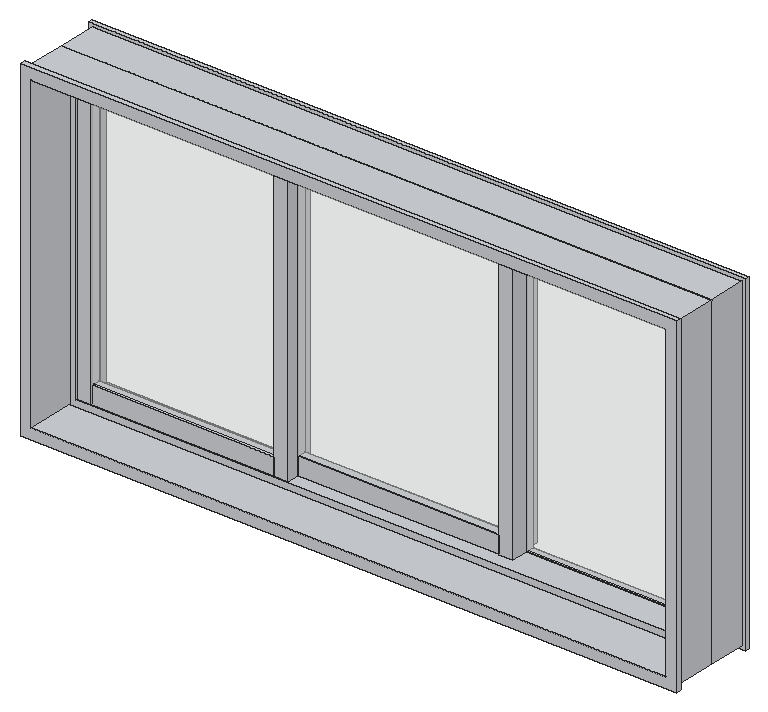
Revit family "APL Residential Thermal Heart Sliding Window SSF", category Windows, host Wall, Revit 2017
Family settings
  Host = Wall
  OmniClass Number = 23.30.20.00
  OmniClass Title = Windows
  Always vertical = Yes
  Cut with Voids When Loaded = No
  Shared = No
  Room Calculation Point = No
Parameters (values of type "Architrave")
  Rough Width = 2415 mm
  Rough Height = 1213 mm
  Reveal Liner = no
  Liner Sill = no
  Liner Head = yes
  Liner [instance] = 61 mm
  Length [instance] = ((Rough Width / 2) - 350 mm) / 2  # 428.75 mm
  Jamb Liner 2 = yes
  Jamb Liner 1 = yes
  Height = Rough Height - 15 mm  # 1198 mm
  Groove = 10 mm
  Frame Width = 12.4 mm
  Frame Projection Int. = 20 mm
  Frame Projection Ext. = 14 mm
  Liner End = 10 mm
  Default Sill Height = 900 mm
  Wall Closure = By host
  Width = Rough Width - 15 mm  # 2400 mm
  Arrow Opening = yes
  Architrave = yes
  Analytic Construction = "<None>"
Reference planes
  plane 1 "Center (Front/Back)": y = -45.607
  plane 2 "Center (Left/Right)": x = 412.5
  plane 3 "Left": x = -795
  plane 4 "Right": x = 1620
  plane 5 "Sill": z = 900
  plane 6 "Head": z = 2113
  plane 7 "Exterior": y = 104.393
  plane 8 "Interior": y = -195.607
  plane 9: x = 815
  plane 10: x = 10
Forms (mm)
  Extrusion 1, solid, visible <- "Architrave"
    sketch origin (0, -195.607, 0) x (1, 0, 0) y (0, 0, 1)
      loop
        line (-767, 2084.896) -> (-767, 928.104) -> (1592, 928.104) -> (1592, 2084.896) -> (-767, 2084.896)
      loop
        line (-807.5, 2125.5) -> (-807.5, 887.5) -> (1632.5, 887.5) -> (1632.5, 2125.5) -> (-807.5, 2125.5)
    from 0 to 20 <- "Frame Projection Int."
  Extrusion 2, solid, visible <- "Architrave"
    sketch origin (0, -195.607, 0) x (1, 0, 0) y (0, 0, 1)
      loop
        line (-795, 2113) -> (-795, 900) -> (1620, 900) -> (1620, 2113) -> (-795, 2113)
      loop
        line (-767, 2085) -> (-767, 928) -> (1592, 928) -> (1592, 2085) -> (-767, 2085)
    from 0 to -157.701
  Sweep 3, solid, visible <- "Reveal Liner"
    path origin (0, -195.607, 0) x (1, 0, 0) y (0, 0, 1)
      loop
        line (-795, 2113) -> (-795, 900) -> (1620, 900) -> (1620, 2113) -> (-795, 2113)
    profile origin (-795, -195.607, 1506.5) x (-1, 0, 0) y (0, -1, 0)
      loop
        line (0, 0) -> (-15, 0) -> (-15, 10) -> (-9.435, 10) -> (-9.435, 20) -> (-28, 20) -> (-28, -157.701) -> (0, -157.701) -> (0, 0)
  Extrusion 4, solid
    sketch origin (0, 79.325, 0) x (1, 0, 0) y (0, 1, 0)
      loop
        line (39.073, -35.657) -> (39.073, -59.657) -> (788.078, -59.657) -> (788.078, -35.657) -> (39.073, -35.657)
    from 1015 to 2000.469
  Extrusion 5, solid
    sketch origin (268.808, 0, 0) x (1, 0, 0) y (0, 1, 0)
      loop
        line (570.066, 14.343) -> (570.066, 78.094) -> (518.322, 78.094) -> (518.322, 14.343) -> (570.066, 14.343)
    from 950.5 to 2062.5
  Sweep 6, solid
    path origin (0, 104.393, 0) x (1, 0, 0) y (0, 0, 1)
      loop
        line (1620, 2113) -> (-795, 2113) -> (-795, 900) -> (1620, 900) -> (1620, 2113)
    profile origin (-795, 104.393, 1506.5) x (0, -1, 0) y (1, 0, 0)
      loop
        line (0, 0) -> (142.299, 0) -> (142.299, 50.5) -> (26.299, 50.5) -> (26.299, 31.5) -> (-18.701, 31.5) -> (-18.701, 8.5) -> (-12.701, 2.5) -> (-12.701, -12.5) -> (0, -12.5) -> (0, 0)
  Extrusion 7, solid
    sketch origin (0, 0, 0) x (1, 0, 0) y (0, 1, 0)
      loop
        line (840.022, 107.243) -> (840.022, 83.243) -> (1569.5, 83.243) -> (1569.5, 107.243) -> (840.022, 107.243)
    from 950.5 to 2062.5
  Sweep 8, solid
    path origin (0, 104.393, 0) x (1, 0, 0) y (0, 0, 1)
      loop
        line (1588.5, 2081.5) -> (821.022, 2081.5) -> (821.022, 931.5) -> (1588.5, 931.5) -> (1588.5, 2081.5)
    profile origin (1588.5, 104.393, 1506.5) x (-1, 0, 0) y (0, -1, 0)
      loop
        line (19, 26.299) -> (0, 26.299) -> (0, -18.701) -> (4.214, -18.701) -> (19, -3.915) -> (19, 26.299)
  Extrusion 9, solid
    sketch origin (-795, -46, 0) x (0, -1, 0) y (0, 0, 1)
      loop
        line (-60.293, 2062.5) -> (-95.043, 2062.5) -> (-95.043, 2000.469) -> (-60.293, 2000.469) -> (-60.293, 2062.5)
    from -1583.078 to -834.073
  Extrusion 10, solid
    sketch origin (0, 0, 0) x (1, 0, 0) y (0, 1, 0)
      loop
        line (-12.91, -31.656) -> (39.073, -31.656) -> (39.073, 14.393) -> (-12.91, 14.393) -> (-12.91, -31.656)
    from 950.5 to 2062.5
  Extrusion 11, solid
    sketch origin (0, 70.4, 0) x (1, 0, 0) y (0, 1, 0)
      loop
        line (-12.91, -56.007) -> (39.09, -56.007) -> (39.09, -20.097) -> (19.843, -20.097) -> (19.843, 24.25) -> (-12.91, 24.25) -> (-12.91, -56.007)
    from 950.5 to 2062.5
  Extrusion 12, solid
    sketch origin (-795, -44.347, 3015) x (0, -1, 0) y (0, 0, 1)
      loop
        line (-59.9, -2064.5) -> (-59.9, -2000) -> (-94.65, -2000) -> (-94.65, -2064.5) -> (-59.9, -2064.5)
    from -1582.129 to -834.073
  Extrusion 13, solid
    sketch origin (815, 5.252, 0) x (0, -1, 0) y (0, 0, -1)
      loop
        line (35.707, -2062.5) -> (35.707, -2000.45) -> (0.957, -2000.45) -> (0.957, -2062.5) -> (35.707, -2062.5)
    from -1505.883 to -827.91
  Extrusion 14, solid
    sketch origin (805.907, -47.2, 3015) x (0, -1, 0) y (0, 0, -1)
      loop
        line (-16.745, 2064.5) -> (-51.495, 2064.5) -> (-51.495, 2000) -> (-16.745, 2000) -> (-16.745, 2064.5)
    from -1496.79 to -818.817
  Extrusion 15, solid
    sketch origin (20, 51.202, 0) x (-1, 0, 0) y (0, -1, 0)
      loop
        line (32.91, 50.564) -> (710.883, 50.564) -> (710.883, 74.564) -> (32.91, 74.564) -> (32.91, 50.564)
    from 1015 to 2000.469
  Extrusion 16, solid
    sketch origin (0, 0, 0) x (1, 0, 0) y (0, 1, 0)
      loop
        line (-744.5, -31.706) -> (-690.883, -31.706) -> (-690.883, 4.295) -> (-744.5, 4.295) -> (-744.5, -31.706)
    from 950.5 to 2062.5
  Extrusion 17, solid
    sketch origin (268.808, 63.751, 0) x (1, 0, 0) y (0, 1, 0)
      loop
        line (552.214, 14.343) -> (552.214, 59.343) -> (541.283, 59.343) -> (541.283, 97.376) -> (518.322, 97.376) -> (518.322, 14.343) -> (552.214, 14.343)
    from 931.5 to 2081.5
  Sweep 18, solid
    path origin (0, 104.393, 0) x (1, 0, 0) y (0, 0, 1)
      loop
        line (787.129, 950.5) -> (-744.5, 950.5) -> (-744.5, 2062.5) -> (787.129, 2062.5)
    profile origin (-744.5, 104.393, 1506.5) x (-1, 0, 0) y (0, -1, 0)
      loop
        line (19, -18.701) -> (19, 26.299) -> (0.023, 26.299) -> (0.023, 23.892) -> (17.666, -18.701) -> (19, -18.701)
Cuts and joins
  joined: Extrusion 1, Extrusion 2
Lines and regions (mm)
  Opening 1
    outline origin (3496.371, -195.607, 0) x (1, 0, 0) y (0, 0, 1)
      loop
        line (-1876.371, 900) -> (-1876.371, 2113) -> (-4291.371, 2113) -> (-4291.371, 900) -> (-1876.371, 900)
  symbolic lines, style "WindowsOpeningProjection", visible <- "Arrow Opening"
    curve 1: line (237.5, 147.669, 0) -> (587.5, 147.669, 0)
    curve 2: line (587.5, 147.669, 0) -> (490.907, 173.551, 0)
    curve 3: line (237.5, 104.393, 1506.5) -> (587.5, 104.393, 1506.5)
    curve 4: line (587.5, 104.393, 1506.5) -> (529.544, 104.393, 1522.029)
    curve 5: line (-546.09, 104.393, 1506.5) -> (-196.09, 104.393, 1506.5)
    curve 6: line (-196.09, 104.393, 1506.5) -> (-254.046, 104.393, 1522.029)
    curve 7: line (-502.5, 147.669, 0) -> (-152.5, 147.669, 0)
    curve 8: line (-152.5, 147.669, 0) -> (-249.093, 173.551, 0)
Text (mm)
  text "EXTERIOR" at (-1963.203, 1332.353, 0), in view "Ref. Level"
  text "INTERIOR" at (-1981.466, -818.386, 0), in view "Ref. Level"
  text "Exterior" at (0, 923.751, 2943.296), in view "Right"
  text "Exterior" at (0, 1040.484, 2685.409), in view "Left"
Dimensions and locks
  equal spacing: plane 3 "Left", plane 10, plane 9, plane 4 "Right"
  "Rough Width": plane 3 "Left" to plane 4 "Right"
  "Rough Height": plane 5 "Sill" to plane 6 "Head"
  "Default Sill Height": plane 5 "Sill" to level
  locked: plane 7 "Exterior" to host wall at 0
  locked: plane 8 "Interior" to host wall
  locked: curve 1 to curve 1 at 350
  curve 2 to curve 2 = 100 mm
  locked: curve 4 to curve 4 at 60
  locked: cut or joined group of Extrusion 1, Extrusion 2 to cut or joined group of Extrusion 1, Extrusion 2 at 28
  plane 5 "Sill" to nested 1 = 7.45 mm
  locked: plane 7 "Exterior" to Sweep 3 at 142.299  (x3)
  Extrusion 5 to plane 7 "Exterior" = 90.05 mm
  locked: host wall to Extrusion 9 at 55.35  (x2)
  locked: Extrusion 9 to Extrusion 9 at 34.75
  locked: Extrusion 4 to Extrusion 4 at 24
  equal spacing: plane 5 "Sill", curve 3, plane 6 "Head"
  locked: curve 3 to curve 3 at 350
  locked: Extrusion 7 to plane 6 "Head" at 50.5
  Extrusion 4 to plane 6 "Head" = 112.531 mm
  plane 6 "Head" to Extrusion 5 = 50.5 mm
  locked: nested 1 to plane 5 "Sill" at 7.45
  equal spacing: plane 3 "Left", plane 2 "Center (Left/Right)", plane 4 "Right"
  locked: Extrusion 10 to plane 7 "Exterior" at 136.049
  Extrusion 11 to plane 6 "Head" = 50.5 mm
  plane 6 "Head" to Extrusion 10 = 50.5 mm
  locked: plane 6 "Head" to Extrusion 5 at 50.5
  locked: plane 6 "Head" to Extrusion 10 at 50.5
  locked: Extrusion 12 to Extrusion 12 at 34.75
  locked: Extrusion 13 to Extrusion 13 at 34.75
  locked: Extrusion 14 to Extrusion 14 at 34.75
  locked: Extrusion 15 to Extrusion 15 at 24
  locked: curve 6 to curve 6 at 60
  locked: curve 5 to curve 5 at 350
  locked: curve 7 to curve 7 at 350
  curve 8 to curve 8 = 100 mm
  Extrusion 10 to plane 10 to Extrusion 10 = 22.91 mm locked, 29.073 mm locked
  Extrusion 11 to plane 10 to Extrusion 11 = 22.91 mm, 29.09 mm locked
  Extrusion 11 to plane 10 to Extrusion 11 = 22.91 mm locked, 9.843 mm locked
  Extrusion 5 to plane 9 to Extrusion 5 = 27.871 mm locked, 23.874 mm locked
  Extrusion 17 to Extrusion 17 to plane 9 to Extrusion 17 = 22.961 mm locked, 4.91 mm locked, 6.022 mm locked
  Extrusion 5 to Extrusion 5 to plane 7 "Exterior" to Extrusion 17 to Extrusion 17 = 63.751 mm locked, 26.299 mm locked, 18.701 mm locked, 38.033 mm locked
  Extrusion 10 to Extrusion 11 to Extrusion 11 to Extrusion 11 to plane 7 "Exterior" = 46.049 mm locked, 35.91 mm locked, 44.347 mm locked, 9.743 mm locked
  Extrusion 12 to Extrusion 12 to plane 7 "Exterior" = 34.75 mm locked, 54.09 mm locked
  Extrusion 14 to Extrusion 14 to plane 7 "Exterior" = 34.75 mm locked, 100.098 mm locked
  Sweep 6 to Extrusion 16 to Extrusion 16 to plane 7 "Exterior" = 6.2 mm locked, 36.001 mm locked, 100.098 mm locked
  Extrusion 9 to Extrusion 4 to Extrusion 4 to Extrusion 9 to Extrusion 13 to Extrusion 15 to Extrusion 15 to Extrusion 13 = 5.375 mm locked, 24 mm locked, 5.375 mm locked, 9.998 mm locked, 3.657 mm locked, 24 mm locked, 7.093 mm locked
  locked: Extrusion 17 to plane 6 "Head" at 31.5
  locked: Extrusion 4 to plane 6 "Head" at 112.531
  locked: Extrusion 15 to plane 6 "Head" at 112.531
  locked: Extrusion 16 to plane 6 "Head" at 50.5
  locked: Extrusion 11 to plane 6 "Head" at 50.5
  locked: plane 3 "Left" to Extrusion 14 at 104.117
  locked: plane 10 to Extrusion 12 at 29.073
  locked: Extrusion 12 to plane 9 at 27.871
  locked: Extrusion 14 to plane 10 at 22.91
  locked: plane 9 to Extrusion 4 at 26.922
  locked: plane 3 "Left" to Extrusion 13 at 104.117
  locked: plane 10 to Extrusion 9 at 29.073
  locked: plane 10 to Extrusion 13 at 22.91
  locked: plane 3 "Left" to nested 2 at 7.5
  angle curve 2 to curve 1 = 15.00°
  locked: curve 3 to curve 4 (angle 15.00°)
  locked: curve 5 to curve 6 (angle 15.00°)
  aligned and locked: Extrusion 2 sketch curve to host wall  (x2)
  aligned and locked: host wall to Extrusion 2 sketch curve
  aligned and locked: plane 6 "Head" to Sweep 3 sketch curve
  aligned and locked: Sweep 3 sketch curve to plane 3 "Left"  (x2)
  aligned and locked: Sweep 3 sketch curve to plane 5 "Sill"
  aligned and locked: plane 4 "Right" to Sweep 3 sketch curve
  aligned and locked: Sweep 3 sketch curve to host wall
  aligned and locked: Opening 1 sketch curve to plane 4 "Right"
  aligned and locked: host wall to Extrusion 2
  aligned and locked: Extrusion 9 to Extrusion 4
  aligned and locked: Sweep 3 sketch curve to Sweep 6
  aligned and locked: Extrusion 2 to Sweep 3
  aligned and locked: Sweep 6 to Extrusion 5
  aligned and locked: Extrusion 10 to Extrusion 11
  aligned and locked: Extrusion 12 to Extrusion 11
Automatic sketch dimensions
  plane 3 "Left" to Opening 1 sketch curve = 0 mm
  Opening 1 sketch curve to plane 5 "Sill" = 0 mm
  Opening 1 sketch curve to plane 6 "Head" = 0 mm
  plane 3 "Left" to Extrusion 1 sketch curve = 12.5 mm
  Extrusion 1 sketch curve to plane 3 "Left" = 28 mm
  plane 4 "Right" to Extrusion 1 sketch curve = 28 mm
  Extrusion 1 sketch curve to plane 4 "Right" = 12.5 mm
  plane 5 "Sill" to Extrusion 1 sketch curve = 12.5 mm
  Extrusion 1 sketch curve to plane 5 "Sill" = 28.104 mm
  plane 6 "Head" to Extrusion 1 sketch curve = 28.104 mm
  Extrusion 1 sketch curve to plane 6 "Head" = 12.5 mm
  plane 4 "Right" to Extrusion 2 sketch curve = 0 mm
  Extrusion 2 sketch curve to plane 3 "Left" = 28 mm
  plane 4 "Right" to Extrusion 2 sketch curve = 28 mm
  Extrusion 2 sketch curve to plane 5 "Sill" = 28 mm
  plane 6 "Head" to Extrusion 2 sketch curve = 28 mm
  host wall to curve 7 = 43.276 mm
  curve 7 to plane 10 = 162.5 mm
  host wall to curve 2 = 43.276 mm
  curve 2 to plane 2 "Center (Left/Right)" = 175 mm
  host wall to curve 8 = 69.158 mm
  curve 5 to plane 10 = 206.09 mm
  curve 4 to plane 2 "Center (Left/Right)" = 175 mm
  curve 6 to curve 3 = 0 mm
  profile plane to Sweep 3 sketch curve = 9.435 mm
  Sweep 3 sketch curve to Sweep 3 sketch curve = 5.565 mm
  profile plane to Sweep 3 sketch curve = 28 mm
  plane 8 "Interior" to Sweep 3 sketch curve = 10 mm
  Sweep 3 sketch curve to Sweep 3 sketch curve = 10 mm
  plane 10 to Extrusion 4 sketch curve = 29.073 mm
  Extrusion 4 sketch curve to plane 9 = 26.922 mm
  Extrusion 4 sketch curve to host wall = 65.275 mm
  Extrusion 4 sketch curve to Extrusion 4 sketch curve = 24 mm
  Extrusion 5 sketch curve to host wall = 59.95 mm
  Extrusion 5 sketch curve to plane 9 = 27.871 mm
  plane 9 to Extrusion 5 sketch curve = 23.874 mm
  Extrusion 5 sketch curve to host wall = 26.299 mm
  plane 3 "Left" to Sweep 6 sketch curve = 0 mm
  plane 4 "Right" to Sweep 6 sketch curve = 0 mm
  Sweep 6 sketch curve to plane 5 "Sill" = 0 mm
  Sweep 6 sketch curve to plane 6 "Head" = 0 mm
  plane 7 "Exterior" to Sweep 6 sketch curve = 0 mm
  Sweep 6 sketch curve to profile plane = 0 mm
  Sweep 6 sketch curve to plane 7 "Exterior" = 12.701 mm
  Sweep 6 sketch curve to plane 7 "Exterior" = 18.701 mm
  plane 7 "Exterior" to Sweep 6 sketch curve = 26.299 mm
  Sweep 6 sketch curve to Sweep 6 sketch curve = 116 mm
  profile plane to Sweep 6 sketch curve = 12.5 mm
  Sweep 6 sketch curve to profile plane = 2.5 mm
  Sweep 6 sketch curve to Sweep 6 sketch curve = 6 mm
  Sweep 6 sketch curve to Sweep 6 sketch curve = 23 mm
  Sweep 6 sketch curve to Sweep 6 sketch curve = 19 mm
  plane 9 to Extrusion 7 sketch curve = 25.022 mm
  Extrusion 7 sketch curve to host wall = 21.15 mm
  plane 4 "Right" to Extrusion 7 sketch curve = 50.5 mm
  host wall to Extrusion 7 sketch curve = 2.85 mm
  plane 9 to Sweep 8 sketch curve = 6.022 mm
  plane 4 "Right" to Sweep 8 sketch curve = 31.5 mm
  Sweep 8 sketch curve to plane 5 "Sill" = 31.5 mm
  plane 6 "Head" to Sweep 8 sketch curve = 31.5 mm
  Extrusion 9 sketch curve to host wall = 94.65 mm
  Extrusion 9 sketch curve to host wall = 59.9 mm
  plane 6 "Head" to Extrusion 9 sketch curve = 112.531 mm
  plane 6 "Head" to Extrusion 9 sketch curve = 50.5 mm
  Extrusion 10 sketch curve to plane 10 = 22.91 mm
  Extrusion 10 sketch curve to host wall = 60 mm
  plane 10 to Extrusion 10 sketch curve = 29.073 mm
  Extrusion 10 sketch curve to host wall = 13.951 mm
  Extrusion 11 sketch curve to host wall = 60 mm
  Extrusion 11 sketch curve to plane 10 = 22.91 mm
  plane 10 to Extrusion 11 sketch curve = 9.843 mm
  Extrusion 11 sketch curve to Extrusion 11 sketch curve = 19.248 mm
  Extrusion 11 sketch curve to Extrusion 11 sketch curve = 35.91 mm
  Extrusion 11 sketch curve to host wall = 9.743 mm
  host wall to Extrusion 12 sketch curve = 95.91 mm
  host wall to Extrusion 12 sketch curve = 61.16 mm
  plane 5 "Sill" to Extrusion 12 sketch curve = 115 mm
  plane 5 "Sill" to Extrusion 12 sketch curve = 50.5 mm
  Extrusion 13 sketch curve to host wall = 49.902 mm
  Extrusion 13 sketch curve to Extrusion 13 sketch curve = 34.75 mm
  plane 6 "Head" to Extrusion 13 sketch curve = 50.5 mm
  Extrusion 13 sketch curve to Extrusion 13 sketch curve = 62.05 mm
  Extrusion 14 sketch curve to host wall = 49.902 mm
  Extrusion 14 sketch curve to Extrusion 14 sketch curve = 34.75 mm
  Extrusion 14 sketch curve to plane 5 "Sill" = 115 mm
  Extrusion 14 sketch curve to plane 5 "Sill" = 50.5 mm
  plane 10 to Extrusion 15 sketch curve = 22.91 mm
  host wall to Extrusion 15 sketch curve = 22.245 mm
  plane 3 "Left" to Extrusion 15 sketch curve = 104.117 mm
  host wall to Extrusion 15 sketch curve = 46.245 mm
  Extrusion 16 sketch curve to host wall = 49.902 mm
  Extrusion 16 sketch curve to plane 3 "Left" = 50.5 mm
  Extrusion 16 sketch curve to Extrusion 16 sketch curve = 53.617 mm
  Extrusion 16 sketch curve to Extrusion 16 sketch curve = 36.001 mm
  Extrusion 17 sketch curve to plane 9 = 27.871 mm
  plane 9 to Extrusion 17 sketch curve = 6.022 mm
  Extrusion 17 sketch curve to host wall = 26.299 mm
  host wall to Extrusion 17 sketch curve = 56.734 mm
  Extrusion 17 sketch curve to plane 9 = 4.91 mm
  host wall to Extrusion 17 sketch curve = 18.701 mm
  Sweep 8 sketch curve to profile plane = 0 mm
  Sweep 8 sketch curve to Sweep 8 sketch curve = 4.214 mm
  Sweep 8 sketch curve to plane 7 "Exterior" = 3.915 mm
  Sweep 8 sketch curve to profile plane = 19 mm
  Sweep 8 sketch curve to plane 7 "Exterior" = 18.701 mm
  plane 7 "Exterior" to Sweep 8 sketch curve = 26.299 mm
  Sweep 18 sketch curve to plane 3 "Left" = 50.5 mm
  Sweep 18 sketch curve to plane 5 "Sill" = 50.5 mm
  plane 6 "Head" to Sweep 18 sketch curve = 50.5 mm
  Sweep 18 sketch curve to plane 9 = 27.871 mm  (x2)
  Sweep 18 sketch curve to profile plane = 0.023 mm
  Sweep 18 sketch curve to profile plane = 17.666 mm
  Sweep 18 sketch curve to Sweep 18 sketch curve = 18.977 mm
  Sweep 18 sketch curve to plane 7 "Exterior" = 18.701 mm
  plane 7 "Exterior" to Sweep 18 sketch curve = 23.892 mm
  Sweep 18 sketch curve to Sweep 18 sketch curve = 2.407 mm
Nested families
  nested 1: "APL Residential Thermal Heart Sliding Window SSF Vertical Section" at (-807.5, -272.852, 1030.848) x (0, -1, 0) z (-1, 0, 0), Box Height <- "Height", Groove <- "Groove", Liner End <- "Liner End", Liner <- "Liner", type "Groove"
    with Liner End 10 mm, Liner 61 mm, Groove 10 mm, Glass Length 980.1 mm, Glass Fixed Length 1137.5 mm, Box Height 1198 mm
  nested 2: "APL Residential Thermal Heart Sliding Window SSF Horizontal Section" at (179.25, 162.891, 900), Box Width <- "Width", Liner <- "Liner", Groove <- "Groove", Liner End <- "Liner End", type "Groove"
    with Liner End 10 mm, Liner 61 mm, Groove 10 mm, Glass Length 774 mm, Glass Fixed Length 755 mm, Glass Door Length 705 mm, Box Width 2400 mm
Definition of nested family "APL Residential Thermal Heart Sliding Window SSF Vertical Section"
  Parameters (values of type "Groove")
    Sill Liner = yes
    Liner End [instance] = 10 mm
    Liner Block = Liner : Liner
    Liner [instance] = 100 mm
    Head Liner = yes
    Groove [instance] = 10 mm
    Glass Length [instance] = Box Height - 217.9 mm  # 282.1 mm
    Glass Fixed Length [instance] = Box Height - 60.5 mm  # 439.5 mm
    Box Height [instance] = 500 mm
  Types (2, lengths in mm): name | Liner Block
    No Groove | Liner No Groove : Liner No Groove
    Groove | Liner : Liner
  Reference planes
    plane 1 "Center (Front/Back)": x = -395.946
    plane 2: z = 0
    plane 3 "Center (Left/Right)": y = 126.603
    plane 4: y = 376.603
    plane 5: y = -123.397
    plane 6: x = -238.446
    plane 7: x = -238.446
    plane 8: x = -377.596
    plane 9: y = -128.397
  Lines and regions (mm)
    detail lines, in view "Left", not visible
      curve 1: arc (-355.164, -79.17, 0) -> (-355.475, -79.03, 0) -> (-355.637, -79.33, 0) r 0.25
      curve 2: arc (-355.611, -89.218, 0) -> (-355.448, -89.517, 0) -> (-355.138, -89.377, 0) r 0.25
      curve 3: line (-355.637, -79.33, 0) -> (-354.643, -83.197, 0)
      curve 4: line (-354.643, -83.197, 0) -> (-355.646, -83.776, 0)
      curve 5: line (-355.646, -83.776, 0) -> (-355.646, -84.776, 0)
      curve 6: line (-355.646, -84.776, 0) -> (-354.621, -85.368, 0)
      curve 7: line (-354.621, -85.368, 0) -> (-355.611, -89.218, 0)
      curve 8: line (-355.138, -89.377, 0) -> (-353.414, -85.276, 0)
      curve 9: line (-353.414, -85.276, 0) -> (-352.146, -85.276, 0)
      curve 10: line (-352.146, -85.276, 0) -> (-352.146, -86.526, 0)
      curve 11: line (-352.146, -86.526, 0) -> (-351.146, -86.526, 0)
      curve 12: line (-351.146, -86.526, 0) -> (-351.146, -82.026, 0)
      curve 13: line (-351.146, -82.026, 0) -> (-352.146, -82.026, 0)
      curve 14: line (-352.146, -82.026, 0) -> (-352.146, -83.276, 0)
      curve 15: line (-352.146, -83.276, 0) -> (-353.438, -83.276, 0)
      curve 16: line (-353.438, -83.276, 0) -> (-355.164, -79.17, 0)
  Dimensions and locks
    equal spacing: plane 4, plane 3 "Center (Left/Right)", plane 5
    "Box Height": plane 4 to plane 5
    "Liner": plane 6 to nested 1
    "Liner": plane 7 to nested 2
    locked: nested 3 to plane 4 at 92  (x2)
    locked: plane 5 to nested 4 at 92.501  (x2)
    locked: plane 5 to nested 6 at 30.32
    locked: nested 5 to plane 4 at 30.32
    locked: nested 10 to nested 1 at 22.396
    locked: nested 2 to nested 7 at 22.396
    locked: nested 7 to nested 6 at 6.32
    locked: nested 5 to nested 10 at 6.32
    locked: nested 8 to nested 10 at 6
    locked: nested 3 to nested 10 at 6
    nested 7 to nested 9 = 6 mm
    nested 7 to nested 4 = 6 mm
    aligned and locked: plane 7 to nested 2
  Nested families
    nested 1: "Liner" at (-238.446, 355.999, 0), type <- "Liner Block", visible <- "Head Liner", type "Liner", in view "Left", detail levels fine
      with built-in parameter 1001306 0.32808 (stored number, unit not read)
    nested 2: "Liner" at (-238.446, -102.794, 0), type <- "Liner Block", visible <- "Sill Liner", type "Liner", in view "Left", detail levels fine
      with built-in parameter 1001306 0.32808 (stored number, unit not read)
    nested 3: "Glass" at (-271.757, 284.602, 0), Glass Lenght <- "Glass Length", type "Glass", in view "Left", detail levels fine
      with Glass Lenght 282.1 mm
    nested 4: "Glass" at (-271.757, -30.897, 0), Glass Lenght <- "Glass Length", type "Glass", in view "Left", detail levels fine
      with Glass Lenght 282.1 mm
    nested 5: "Glazing Bead" at (-380.446, 346.283, 0), Glass Lenght <- "Glass Fixed Length", type "Glazing Bead", in view "Left", detail levels fine
      with Glass Lenght 439.5 mm
    nested 6: "Glazing Bead" at (-380.446, -93.078, 0), Glass Lenght <- "Glass Fixed Length", type "Glazing Bead", in view "Left", detail levels fine
      with Glass Lenght 439.5 mm
    nested 7: "Three Panel Sill" at (-308.917, -123.397, 0), type "Three Panel Sill", in view "Left", detail levels fine
    nested 8: "Glass" at (-317.757, 284.602, 0), Glass Lenght <- "Glass Length", type "Glass", in view "Left", detail levels fine
      with Glass Lenght 282.1 mm
    nested 9: "Glass" at (-317.757, -30.897, 0), Glass Lenght <- "Glass Length", type "Glass", in view "Left", detail levels fine
      with Glass Lenght 282.1 mm
    nested 10: "Three Panel Head" at (-395.946, 376.603, 0), type "Three Panel Head", in view "Left", detail levels fine
  Definition of nested family "Liner"
    Parameters (values of type "Liner")
      Type Image = (empty or 0)
      built-in parameter 1001306 [instance] = 100 mm
      Groove [instance] = 10 mm
      End Liner [instance] = 10 mm
    Reference planes
      plane 1 "Center (Front/Back)": y = 0
      plane 2: z = 0
      plane 3 "Left": x = 0
      plane 4 "Right": x = 100
    Lines and regions (mm)
      Filled region 1, type "Brick", in view "Ref. Level"
        outline origin (0, 0, 0) x (1, 0, 0) y (0, 1, 0)
          loop
            line (0, 0) -> (120, 0) -> (120, 19) -> (110, 19) -> (110, 13.435) -> (100, 13.435) -> (100, 19) -> (0, 19) -> (0, 0)
      reference lines, in view "Ref. Level"
        curve 1: line (0, 0, 0) -> (100, 0, 0)
      detail lines, in view "Ref. Level", detail levels fine
        curve 2: line (100, 0, 0) -> (0, 0, 0)
    Dimensions and locks
      "built-in parameter 1001306": plane 3 "Left" to plane 4 "Right"
      locked: Filled region 1 to curve 2 at 19
      "Groove": plane 4 "Right" to Filled region 1
      "End Liner": Filled region 1 to Filled region 1
      aligned and locked: plane 1 "Center (Front/Back)" to curve 1
      aligned and locked: plane 3 "Left" to curve 1
      aligned and locked: plane 4 "Right" to curve 1
      aligned and locked: curve 1 to Filled region 1
      aligned and locked: plane 1 "Center (Front/Back)" to Filled region 1
      aligned and locked: Filled region 1 to plane 3 "Left"
    Automatic sketch dimensions
      curve 2 to plane 4 "Right" = 0 mm
      Filled region 1 sketch curve to plane 3 "Left" = 0 mm
      Filled region 1 sketch curve to plane 4 "Right" = 0 mm
      Filled region 1 sketch curve to Filled region 1 sketch curve = 10 mm  (x2)
      Filled region 1 sketch curve to plane 1 "Center (Front/Back)" = 0 mm
      Filled region 1 sketch curve to plane 1 "Center (Front/Back)" = 13.435 mm
      Filled region 1 sketch curve to Filled region 1 sketch curve = 5.565 mm  (x2)
      curve 2 to plane 3 "Left" = 0 mm
  Definition of nested family "Glass"
    Parameters (values of type "Glass")
      Glass Lenght [instance] = 50 mm
    Reference planes
      plane 1 "Center (Front/Back)": y = 0
      plane 2: z = 0
      plane 3 "Center (Left/Right)": x = 0
      plane 4: y = -50
    Lines and regions (mm)
      Filled region 1, type "Solid Fill - Black", in view "Ref. Level"
        outline origin (0, 0, 0) x (1, 0, 0) y (0, 1, 0)
          loop
            line (4, 0) -> (4, -12) -> (20, -12) -> (20, 0) -> (4, 0)
      model lines, in view "Ref. Level"
        curve 1: line (4, -12, 0) -> (20, -12, 0)
        curve 2: line (0, -50, 0) -> (0, 0, 0)
        curve 3: line (0, 0, 0) -> (24, 0, 0)
        curve 4: line (24, 0, 0) -> (24, -50, 0)
        curve 5: line (20, 0, 0) -> (20, -50, 0)
        curve 6: line (4, 0, 0) -> (4, -50, 0)
      detail lines, in view "Ref. Level"
        curve 7: arc (25, -11.728, 0) -> (24.979, -11.828, 0) -> (24.92, -11.912, 0) r 0.25
        curve 8: arc (24.161, -12.614, 0) -> (24.042, -12.78, 0) -> (24, -12.981, 0) r 0.5
        curve 9: arc (24, -14.404, 0) -> (24.088, -14.594, 0) -> (24.289, -14.651, 0) r 0.25
        curve 10: arc (28.489, -13.997, 0) -> (28.647, -13.904, 0) -> (28.699, -13.728, 0) r 0.25
        curve 11: arc (27.5, -9.1, 0) -> (27.711, -8.984, 0) -> (27.727, -8.744, 0) r 0.25
        curve 12: arc (26.033, -5.114, 0) -> (25.642, -4.858, 0) -> (25.24, -5.095, 0) r 0.442
        curve 13: arc (24.864, -5.812, 0) -> (24.414, -6.357, 0) -> (24.052, -6.964, 0) r 4.62
        curve 14: arc (24.052, -6.964, 0) -> (24.013, -7.073, 0) -> (24, -7.187, 0) r 0.5
        curve 15: arc (24, -7.743, 0) -> (24.132, -7.931, 0) -> (24.353, -7.871, 0) r 0.2
        curve 16: arc (24.353, -7.871, 0) -> (24.514, -7.711, 0) -> (24.702, -7.581, 0) r 1.262
        curve 17: arc (24.702, -7.581, 0) -> (24.901, -7.583, 0) -> (25, -7.756, 0) r 0.2
        curve 18: arc (25, -8.353, 0) -> (24.962, -8.543, 0) -> (24.855, -8.705, 0) r 0.5
        curve 19: arc (24.855, -8.705, 0) -> (24.408, -9.237, 0) -> (24.051, -9.833, 0) r 4.3
        curve 20: arc (24.051, -9.833, 0) -> (24.013, -9.941, 0) -> (24, -10.054, 0) r 0.5
        curve 21: arc (24, -10.668, 0) -> (24.137, -10.858, 0) -> (24.361, -10.787, 0) r 0.2
        curve 22: arc (24.361, -10.787, 0) -> (24.512, -10.617, 0) -> (24.69, -10.476, 0) r 1.288
        curve 23: arc (24.69, -10.476, 0) -> (24.895, -10.467, 0) -> (25, -10.643, 0) r 0.2
        curve 24: line (24.92, -11.912, 0) -> (24.161, -12.614, 0)
        curve 25: line (24, -12.981, 0) -> (24, -14.404, 0)
        curve 26: line (24.289, -14.651, 0) -> (28.489, -13.997, 0)
        curve 27: line (28.699, -13.728, 0) -> (28.548, -12, 0)
        curve 28: line (28.548, -12, 0) -> (27, -12, 0)
        curve 29: line (27, -12, 0) -> (27, -9.1, 0)
        curve 30: line (27, -9.1, 0) -> (27.5, -9.1, 0)
        curve 31: line (27.727, -8.744, 0) -> (26.033, -5.114, 0)
        curve 32: line (25.24, -5.095, 0) -> (24.864, -5.812, 0)
        curve 33: line (24, -7.187, 0) -> (24, -7.743, 0)
        curve 34: line (25, -7.756, 0) -> (25, -8.353, 0)
        curve 35: line (24, -10.054, 0) -> (24, -10.668, 0)
        curve 36: line (25, -10.643, 0) -> (25, -11.728, 0)
        curve 87: arc (-0.25, -13, 0) -> (0, -12.75, 0) -> (-0.25, -12.5, 0) r 0.25
        curve 88: arc (-0.25, -9.45, 0) -> (0, -9.2, 0) -> (-0.25, -8.95, 0) r 0.25
        curve 89: arc (-0.25, -8.281, 0) -> (0, -8.031, 0) -> (-0.25, -7.781, 0) r 0.25
        curve 90: arc (-0.25, -7.113, 0) -> (0, -6.863, 0) -> (-0.25, -6.613, 0) r 0.25
        curve 91: line (-0.25, -5.444, 0) -> (-1, -5.444, 0)
        curve 92: line (-1, -5.444, 0) -> (-1, -9.45, 0)
        curve 93: line (-1, -9.45, 0) -> (-2.2, -9.45, 0)
        curve 94: line (-2.2, -9.45, 0) -> (-2.2, -8.7, 0)
        curve 95: line (-2.2, -8.7, 0) -> (-2.8, -8.7, 0)
        curve 96: line (-2.8, -8.7, 0) -> (-2.8, -11.8, 0)
        curve 97: line (-2.8, -11.8, 0) -> (-2.2, -11.8, 0)
        curve 98: line (-2.2, -11.8, 0) -> (-2.2, -11.05, 0)
        curve 99: line (-2.2, -11.05, 0) -> (-1, -11.05, 0)
        curve 100: line (-1, -11.05, 0) -> (-1, -13, 0)
        curve 101: line (-1, -13, 0) -> (-0.25, -13, 0)
        curve 102: line (-0.25, -12.5, 0) -> (-0.25, -9.45, 0)
        curve 103: line (-0.25, -8.95, 0) -> (-0.25, -8.281, 0)
        curve 104: line (-0.25, -7.781, 0) -> (-0.25, -7.113, 0)
        curve 105: line (-0.25, -6.613, 0) -> (-0.25, -5.944, 0)
        curve 106: arc (-0.25, -5.944, 0) -> (0, -5.694, 0) -> (-0.25, -5.444, 0) r 0.25
      detail lines, in view "Ref. Level", not visible
        curve 37: arc (-0.25, -4.9, 0) -> (0, -5.15, 0) -> (-0.25, -5.4, 0) r 0.25
        curve 38: arc (-0.25, -8.45, 0) -> (0, -8.7, 0) -> (-0.25, -8.95, 0) r 0.25
        curve 39: arc (-0.25, -9.619, 0) -> (0, -9.869, 0) -> (-0.25, -10.119, 0) r 0.25
        curve 40: arc (-0.25, -10.787, 0) -> (0, -11.037, 0) -> (-0.25, -11.287, 0) r 0.25
        curve 41: line (-0.25, -12.456, 0) -> (-1, -12.456, 0)
        curve 42: line (-1, -12.456, 0) -> (-1, -8.45, 0)
        curve 43: line (-1, -8.45, 0) -> (-2.2, -8.45, 0)
        curve 44: line (-2.2, -8.45, 0) -> (-2.2, -9.2, 0)
        curve 45: line (-2.2, -9.2, 0) -> (-2.8, -9.2, 0)
        curve 46: line (-2.8, -9.2, 0) -> (-2.8, -6.1, 0)
        curve 47: line (-2.8, -6.1, 0) -> (-2.2, -6.1, 0)
        curve 48: line (-2.2, -6.1, 0) -> (-2.2, -6.85, 0)
        curve 49: line (-2.2, -6.85, 0) -> (-1, -6.85, 0)
        curve 50: line (-1, -6.85, 0) -> (-1, -4.9, 0)
        curve 51: line (-1, -4.9, 0) -> (-0.25, -4.9, 0)
        curve 52: line (-0.25, -5.4, 0) -> (-0.25, -8.45, 0)
        curve 53: line (-0.25, -8.95, 0) -> (-0.25, -9.619, 0)
        curve 54: line (-0.25, -10.119, 0) -> (-0.25, -10.787, 0)
        curve 55: line (-0.25, -11.287, 0) -> (-0.25, -11.956, 0)
        curve 56: arc (-0.25, -11.956, 0) -> (0, -12.206, 0) -> (-0.25, -12.456, 0) r 0.25
        curve 57: arc (25, -10.728, 0) -> (24.979, -10.828, 0) -> (24.92, -10.912, 0) r 0.25
        curve 58: arc (24.161, -11.614, 0) -> (24.042, -11.78, 0) -> (24, -11.981, 0) r 0.5
        curve 59: arc (24, -13.404, 0) -> (24.088, -13.594, 0) -> (24.289, -13.651, 0) r 0.25
        curve 60: arc (28.489, -12.997, 0) -> (28.647, -12.904, 0) -> (28.699, -12.728, 0) r 0.25
        curve 61: arc (27.5, -8.1, 0) -> (27.711, -7.984, 0) -> (27.727, -7.744, 0) r 0.25
        curve 62: arc (26.033, -4.114, 0) -> (25.642, -3.858, 0) -> (25.24, -4.095, 0) r 0.442
        curve 63: arc (24.864, -4.812, 0) -> (24.414, -5.357, 0) -> (24.052, -5.964, 0) r 4.62
        curve 64: arc (24.052, -5.964, 0) -> (24.013, -6.073, 0) -> (24, -6.187, 0) r 0.5
        curve 65: arc (24, -6.743, 0) -> (24.132, -6.931, 0) -> (24.353, -6.871, 0) r 0.2
        curve 66: arc (24.353, -6.871, 0) -> (24.514, -6.711, 0) -> (24.702, -6.581, 0) r 1.262
        curve 67: arc (24.702, -6.581, 0) -> (24.901, -6.583, 0) -> (25, -6.756, 0) r 0.2
        curve 68: arc (25, -7.353, 0) -> (24.962, -7.543, 0) -> (24.855, -7.705, 0) r 0.5
        curve 69: arc (24.855, -7.705, 0) -> (24.408, -8.237, 0) -> (24.051, -8.833, 0) r 4.3
        curve 70: arc (24.051, -8.833, 0) -> (24.013, -8.941, 0) -> (24, -9.054, 0) r 0.5
        curve 71: arc (24, -9.668, 0) -> (24.137, -9.858, 0) -> (24.361, -9.787, 0) r 0.2
        curve 72: arc (24.361, -9.787, 0) -> (24.512, -9.617, 0) -> (24.69, -9.476, 0) r 1.288
        curve 73: arc (24.69, -9.476, 0) -> (24.895, -9.467, 0) -> (25, -9.643, 0) r 0.2
        curve 74: line (24.92, -10.912, 0) -> (24.161, -11.614, 0)
        curve 75: line (24, -11.981, 0) -> (24, -13.404, 0)
        curve 76: line (24.289, -13.651, 0) -> (28.489, -12.997, 0)
        curve 77: line (28.699, -12.728, 0) -> (28.548, -11, 0)
        curve 78: line (28.548, -11, 0) -> (27, -11, 0)
        curve 79: line (27, -11, 0) -> (27, -8.1, 0)
        curve 80: line (27, -8.1, 0) -> (27.5, -8.1, 0)
        curve 81: line (27.727, -7.744, 0) -> (26.033, -4.114, 0)
        curve 82: line (25.24, -4.095, 0) -> (24.864, -4.812, 0)
        curve 83: line (24, -6.187, 0) -> (24, -6.743, 0)
        curve 84: line (25, -6.756, 0) -> (25, -7.353, 0)
        curve 85: line (24, -9.054, 0) -> (24, -9.668, 0)
        curve 86: line (25, -9.643, 0) -> (25, -10.728, 0)
    Dimensions and locks
      "Glass Lenght": plane 1 "Center (Front/Back)" to plane 4
      aligned and locked: plane 4 to curve 2
      aligned and locked: plane 1 "Center (Front/Back)" to Filled region 1 sketch curve
      aligned and locked: Filled region 1 sketch curve to curve 6
      aligned and locked: Filled region 1 sketch curve to curve 1
      aligned and locked: Filled region 1 sketch curve to curve 5
    Automatic sketch dimensions
      plane 1 "Center (Front/Back)" to curve 2 = 0 mm
      curve 2 to plane 3 "Center (Left/Right)" = 0 mm
      curve 6 to plane 4 = 0 mm
      curve 5 to plane 4 = 0 mm
      curve 4 to plane 4 = 0 mm
      curve 5 to curve 3 = 4 mm
      curve 1 to curve 1 = 16 mm
      plane 1 "Center (Front/Back)" to curve 1 = 12 mm
      plane 3 "Center (Left/Right)" to curve 6 = 4 mm
  Definition of nested family "Glazing Bead"
    Parameters (values of type "Glazing Bead")
      Glass Lenght [instance] = 50 mm
    Reference planes
      plane 1 "Center (Front/Back)": y = 0
      plane 2: z = 0
      plane 3 "Center (Left/Right)": x = 0
      plane 4: y = -50
    Lines and regions (mm)
      Filled region 1, type "Solid Fill - Black", in view "Ref. Level"
        outline origin (0, 0, 0) x (1, 0, 0) y (0, 1, 0)
          loop
            line (4, 0) -> (4, -12) -> (20, -12) -> (20, 0) -> (4, 0)
      model lines, in view "Ref. Level"
        curve 1: line (4, -12, 0) -> (20, -12, 0)
        curve 2: line (0, -50, 0) -> (0, 0, 0)
        curve 3: line (0, 0, 0) -> (24, 0, 0)
        curve 4: line (24, 0, 0) -> (24, -50, 0)
        curve 5: line (20, 0, 0) -> (20, -50, 0)
        curve 6: line (4, 0, 0) -> (4, -50, 0)
      detail lines, in view "Ref. Level"
        curve 7: arc (-0.25, -4.9, 0) -> (0, -5.15, 0) -> (-0.25, -5.4, 0) r 0.25
        curve 8: arc (-0.25, -8.45, 0) -> (0, -8.7, 0) -> (-0.25, -8.95, 0) r 0.25
        curve 9: arc (-0.25, -9.619, 0) -> (0, -9.869, 0) -> (-0.25, -10.119, 0) r 0.25
        curve 10: arc (-0.25, -10.787, 0) -> (0, -11.037, 0) -> (-0.25, -11.287, 0) r 0.25
        curve 11: line (-0.25, -12.456, 0) -> (-1, -12.456, 0)
        curve 12: line (-1, -12.456, 0) -> (-1, -8.45, 0)
        curve 13: line (-1, -8.45, 0) -> (-2.2, -8.45, 0)
        curve 14: line (-2.2, -8.45, 0) -> (-2.2, -9.2, 0)
        curve 15: line (-2.2, -9.2, 0) -> (-2.8, -9.2, 0)
        curve 16: line (-2.8, -9.2, 0) -> (-2.8, -6.1, 0)
        curve 17: line (-2.8, -6.1, 0) -> (-2.2, -6.1, 0)
        curve 18: line (-2.2, -6.1, 0) -> (-2.2, -6.85, 0)
        curve 19: line (-2.2, -6.85, 0) -> (-1, -6.85, 0)
        curve 20: line (-1, -6.85, 0) -> (-1, -4.9, 0)
        curve 21: line (-1, -4.9, 0) -> (-0.25, -4.9, 0)
        curve 22: line (-0.25, -5.4, 0) -> (-0.25, -8.45, 0)
        curve 23: line (-0.25, -8.95, 0) -> (-0.25, -9.619, 0)
        curve 24: line (-0.25, -10.119, 0) -> (-0.25, -10.787, 0)
        curve 25: line (-0.25, -11.287, 0) -> (-0.25, -11.956, 0)
        curve 26: arc (-0.25, -11.956, 0) -> (0, -12.206, 0) -> (-0.25, -12.456, 0) r 0.25
      detail lines, in view "Ref. Level", not visible
        curve 27: arc (-0.25, -4.9, 0) -> (0, -5.15, 0) -> (-0.25, -5.4, 0) r 0.25
        curve 28: arc (-0.25, -8.45, 0) -> (0, -8.7, 0) -> (-0.25, -8.95, 0) r 0.25
        curve 29: arc (-0.25, -9.619, 0) -> (0, -9.869, 0) -> (-0.25, -10.119, 0) r 0.25
        curve 30: arc (-0.25, -10.787, 0) -> (0, -11.037, 0) -> (-0.25, -11.287, 0) r 0.25
        curve 31: line (-0.25, -12.456, 0) -> (-1, -12.456, 0)
        curve 32: line (-1, -12.456, 0) -> (-1, -8.45, 0)
        curve 33: line (-1, -8.45, 0) -> (-2.2, -8.45, 0)
        curve 34: line (-2.2, -8.45, 0) -> (-2.2, -9.2, 0)
        curve 35: line (-2.2, -9.2, 0) -> (-2.8, -9.2, 0)
        curve 36: line (-2.8, -9.2, 0) -> (-2.8, -6.1, 0)
        curve 37: line (-2.8, -6.1, 0) -> (-2.2, -6.1, 0)
        curve 38: line (-2.2, -6.1, 0) -> (-2.2, -6.85, 0)
        curve 39: line (-2.2, -6.85, 0) -> (-1, -6.85, 0)
        curve 40: line (-1, -6.85, 0) -> (-1, -4.9, 0)
        curve 41: line (-1, -4.9, 0) -> (-0.25, -4.9, 0)
        curve 42: line (-0.25, -5.4, 0) -> (-0.25, -8.45, 0)
        curve 43: line (-0.25, -8.95, 0) -> (-0.25, -9.619, 0)
        curve 44: line (-0.25, -10.119, 0) -> (-0.25, -10.787, 0)
        curve 45: line (-0.25, -11.287, 0) -> (-0.25, -11.956, 0)
        curve 46: arc (-0.25, -11.956, 0) -> (0, -12.206, 0) -> (-0.25, -12.456, 0) r 0.25
        curve 47: arc (62.983, -3.041, 0) -> (62.673, -2.901, 0) -> (62.511, -3.2, 0) r 0.25
        curve 48: arc (62.537, -13.088, 0) -> (62.7, -13.387, 0) -> (63.01, -13.247, 0) r 0.25
        curve 49: line (62.511, -3.2, 0) -> (63.505, -7.068, 0)
        curve 50: line (63.505, -7.068, 0) -> (62.502, -7.647, 0)
        curve 51: line (62.502, -7.647, 0) -> (62.502, -8.647, 0)
        curve 52: line (62.502, -8.647, 0) -> (63.527, -9.239, 0)
        curve 53: line (63.527, -9.239, 0) -> (62.537, -13.088, 0)
        curve 54: line (63.01, -13.247, 0) -> (64.734, -9.147, 0)
        curve 55: line (64.734, -9.147, 0) -> (66.002, -9.147, 0)
        curve 56: line (66.002, -9.147, 0) -> (66.002, -10.397, 0)
        curve 57: line (66.002, -10.397, 0) -> (67.002, -10.397, 0)
        curve 58: line (67.002, -10.397, 0) -> (67.002, -5.897, 0)
        curve 59: line (67.002, -5.897, 0) -> (66.002, -5.897, 0)
        curve 60: line (66.002, -5.897, 0) -> (66.002, -7.147, 0)
        curve 61: line (66.002, -7.147, 0) -> (64.71, -7.147, 0)
        curve 62: line (64.71, -7.147, 0) -> (62.983, -3.041, 0)
    Dimensions and locks
      "Glass Lenght": plane 1 "Center (Front/Back)" to plane 4
      aligned and locked: plane 4 to curve 2
      aligned and locked: plane 1 "Center (Front/Back)" to Filled region 1 sketch curve
      aligned and locked: Filled region 1 sketch curve to curve 6
      aligned and locked: Filled region 1 sketch curve to curve 1
      aligned and locked: Filled region 1 sketch curve to curve 5
    Automatic sketch dimensions
      plane 1 "Center (Front/Back)" to curve 2 = 0 mm
      curve 2 to plane 3 "Center (Left/Right)" = 0 mm
      curve 6 to plane 4 = 0 mm
      curve 5 to plane 4 = 0 mm
      curve 4 to plane 4 = 0 mm
      curve 5 to curve 3 = 4 mm
      plane 3 "Center (Left/Right)" to curve 1 = 4 mm
      curve 6 to curve 5 = 16 mm
      plane 1 "Center (Front/Back)" to curve 1 = 12 mm
    Nested families
      nested 1: "65015_Bead" at (-15.5, 6.328, 0), type "65015_Bead", in view "Ref. Level"
    Definition of nested family "65015_Bead"
      Reference planes
        plane 1 "Center (Front/Back)": y = 0
        plane 2: z = 0
        plane 3 "Center (Left/Right)": x = 0
      Lines and regions (mm)
        model lines, in view "Ref. Level"
          curve 1: arc (13.5, 12.78, 0) -> (13.558, 12.92, 0) -> (13.698, 12.978, 0) r 0.198
          curve 2: arc (14.302, 12.978, 0) -> (14.442, 12.918, 0) -> (14.5, 12.777, 0) r 0.201
          curve 3: arc (14.5, 10.175, 0) -> (14.442, 10.036, 0) -> (14.302, 9.978, 0) r 0.198
          curve 4: arc (13.698, 9.978, 0) -> (13.558, 10.036, 0) -> (13.5, 10.175, 0) r 0.198
          curve 5: arc (13.5, 11.027, 0) -> (13.442, 11.169, 0) -> (13.3, 11.228, 0) r 0.2
          curve 6: arc (12.7, 11.228, 0) -> (11.851, 11.579, 0) -> (11.5, 12.428, 0) r 1.2
          curve 7: arc (11.5, 13.628, 0) -> (11.377, 13.813, 0) -> (11.159, 13.769, 0) r 0.2
          curve 8: arc (1.546, 4.157, 0) -> (1.438, 3.995, 0) -> (1.4, 3.804, 0) r 0.5
          curve 9: arc (1.4, 1.817, 0) -> (1.467, 1.567, 0) -> (1.65, 1.384, 0) r 0.5
          curve 10: arc (10.675, -3.827, 0) -> (10.913, -4.714, 0) -> (10.025, -4.952, 0) r 0.65
          curve 11: arc (3.306, -1.073, 0) -> (2.928, -1.023, 0) -> (2.624, -1.254, 0) r 0.5
          curve 12: arc (2.587, -2.129, 0) -> (2.248, -2.45, 0) -> (1.791, -2.352, 0) r 0.5
          curve 13: arc (1.518, -2.123, 0) -> (1.466, -2.054, 0) -> (1.447, -1.97, 0) r 0.2
          curve 14: arc (1.447, -1.115, 0) -> (1.476, -1.011, 0) -> (1.555, -0.938, 0) r 0.2
          curve 15: arc (1.555, -0.938, 0) -> (1.717, -0.809, 0) -> (1.82, -0.63, 0) r 0.55
          curve 16: arc (1.82, -0.63, 0) -> (1.825, -0.452, 0) -> (1.729, -0.302, 0) r 0.3
          curve 17: arc (0.2, 0, 0) -> (0.059, 0.059, 0) -> (0, 0.2, 0) r 0.2
          curve 18: arc (0, 4.383, 0) -> (0.038, 4.575, 0) -> (0.146, 4.737, 0) r 0.5
          curve 19: arc (14.159, 18.749, 0) -> (14.377, 18.792, 0) -> (14.5, 18.608, 0) r 0.2
          curve 20: arc (14.5, 15.172, 0) -> (14.442, 15.034, 0) -> (14.303, 14.978, 0) r 0.194
          curve 21: arc (13.698, 14.978, 0) -> (13.559, 15.038, 0) -> (13.5, 15.177, 0) r 0.203
          curve 22: arc (13.5, 15.528, 0) -> (13.441, 15.669, 0) -> (13.3, 15.728, 0) r 0.201
          curve 23: arc (12.7, 15.728, 0) -> (12.559, 15.669, 0) -> (12.5, 15.528, 0) r 0.2
          curve 24: arc (12.5, 12.428, 0) -> (12.559, 12.286, 0) -> (12.7, 12.228, 0) r 0.2
          curve 25: line (13.5, 12.428, 0) -> (13.5, 12.78, 0)
          curve 26: line (13.698, 12.978, 0) -> (14.302, 12.978, 0)
          curve 27: line (14.5, 12.777, 0) -> (14.5, 10.175, 0)
          curve 28: line (14.302, 9.978, 0) -> (13.698, 9.978, 0)
          curve 29: line (13.5, 10.175, 0) -> (13.5, 11.027, 0)
          curve 30: line (13.3, 11.228, 0) -> (12.7, 11.228, 0)
          curve 31: line (11.5, 12.428, 0) -> (11.5, 13.628, 0)
          curve 32: line (11.159, 13.769, 0) -> (1.546, 4.157, 0)
          curve 33: line (1.4, 3.804, 0) -> (1.4, 1.817, 0)
          curve 34: line (1.65, 1.384, 0) -> (10.675, -3.827, 0)
          curve 35: line (10.025, -4.952, 0) -> (3.306, -1.073, 0)
          curve 36: line (2.597, -1.355, 0) -> (2.597, -2.065, 0)
          curve 37: line (1.791, -2.352, 0) -> (1.518, -2.123, 0)
          curve 38: line (1.518, -2.123, 0) -> (1.447, -1.115, 0)
          curve 39: line (1.729, -0.302, 0) -> (1.425, -0.047, 0)
          curve 40: line (1.425, -0.047, 0) -> (0.2, 0, 0)
          curve 41: line (0, 0.2, 0) -> (0, 4.383, 0)
          curve 42: line (0.146, 4.737, 0) -> (14.159, 18.749, 0)
          curve 43: line (14.5, 18.608, 0) -> (14.5, 15.172, 0)
          curve 44: line (14.303, 14.978, 0) -> (13.698, 14.978, 0)
          curve 45: line (13.5, 15.177, 0) -> (13.5, 15.528, 0)
          curve 46: line (13.3, 15.728, 0) -> (12.7, 15.728, 0)
          curve 47: line (12.5, 15.528, 0) -> (12.5, 12.428, 0)
          curve 48: line (12.7, 12.228, 0) -> (13.3, 12.228, 0)
          curve 49: arc (13.3, 12.228, 0) -> (13.441, 12.286, 0) -> (13.5, 12.428, 0) r 0.2
      Text (mm)
        text "65015" at (32.01, 10.207, 0), in view "Ref. Level"
  Definition of nested family "Three Panel Sill"
    Parameters (values of type "Three Panel Sill")
      Threshold = yes
    Reference planes
      plane 1 "Center (Front/Back)": y = 0
      plane 2: z = 0
      plane 3 "Center (Left/Right)": x = 0
    Lines and regions (mm)
      detail lines, in view "Ref. Level"
        curve 1: arc (-46.248, 44.356, 0) -> (-46.558, 44.496, 0) -> (-46.72, 44.197, 0) r 0.25
        curve 2: arc (-46.694, 34.309, 0) -> (-46.531, 34.01, 0) -> (-46.221, 34.15, 0) r 0.25
        curve 3: line (-46.72, 44.197, 0) -> (-45.726, 40.329, 0)
        curve 4: line (-45.726, 40.329, 0) -> (-46.729, 39.75, 0)
        curve 5: line (-46.729, 39.75, 0) -> (-46.729, 38.75, 0)
        curve 6: line (-46.729, 38.75, 0) -> (-45.704, 38.158, 0)
        curve 7: line (-45.704, 38.158, 0) -> (-46.694, 34.309, 0)
        curve 8: line (-46.221, 34.15, 0) -> (-44.497, 38.25, 0)
        curve 9: line (-44.497, 38.25, 0) -> (-43.229, 38.25, 0)
        curve 10: line (-43.229, 38.25, 0) -> (-43.229, 37, 0)
        curve 11: line (-43.229, 37, 0) -> (-42.229, 37, 0)
        curve 12: line (-42.229, 37, 0) -> (-42.229, 41.5, 0)
        curve 13: line (-42.229, 41.5, 0) -> (-43.229, 41.5, 0)
        curve 14: line (-43.229, 41.5, 0) -> (-43.229, 40.25, 0)
        curve 15: line (-43.229, 40.25, 0) -> (-44.521, 40.25, 0)
        curve 16: line (-44.521, 40.25, 0) -> (-46.248, 44.356, 0)
        curve 33: line (33.521, 34.861, 0) -> (27.771, 36.401, 0)
        curve 34: line (29.232, 36.01, 0) -> (33.521, 36.01, 0)
        curve 35: line (27.771, 36.85, 0) -> (33.521, 36.85, 0)
        curve 36: line (27.771, 37.69, 0) -> (33.521, 37.69, 0)
        curve 37: line (27.771, 38.61, 0) -> (33.521, 38.61, 0)
        curve 38: line (27.771, 39.45, 0) -> (33.521, 39.45, 0)
        curve 39: line (29.232, 40.29, 0) -> (33.521, 40.29, 0)
        curve 40: line (27.771, 39.899, 0) -> (33.521, 41.439, 0)
        curve 41: line (27.521, 34.7, 0) -> (27.521, 41.6, 0)
        curve 42: line (27.771, 41.6, 0) -> (27.771, 34.7, 0)
        curve 43: line (27.771, 34.7, 0) -> (27.271, 34.7, 0)
        curve 44: line (27.271, 34.7, 0) -> (27.271, 41.6, 0)
        curve 45: line (27.271, 41.6, 0) -> (27.771, 41.6, 0)
        curve 59: line (65.821, 34.861, 0) -> (71.571, 36.401, 0)
        curve 60: line (70.11, 36.01, 0) -> (65.821, 36.01, 0)
        curve 61: line (71.571, 36.85, 0) -> (65.821, 36.85, 0)
        curve 62: line (71.571, 37.69, 0) -> (65.821, 37.69, 0)
        curve 63: line (71.571, 38.61, 0) -> (65.821, 38.61, 0)
        curve 64: line (71.571, 39.45, 0) -> (65.821, 39.45, 0)
        curve 65: line (70.11, 40.29, 0) -> (65.821, 40.29, 0)
        curve 66: line (71.571, 39.899, 0) -> (65.821, 41.439, 0)
        curve 67: line (71.821, 34.7, 0) -> (71.821, 41.6, 0)
        curve 68: line (71.571, 41.6, 0) -> (71.571, 34.7, 0)
        curve 69: line (71.571, 34.7, 0) -> (72.071, 34.7, 0)
        curve 70: line (72.071, 34.7, 0) -> (72.071, 41.6, 0)
        curve 71: line (72.071, 41.6, 0) -> (71.571, 41.6, 0)
        curve 72: line (19.421, 34.861, 0) -> (25.171, 36.401, 0)
        curve 73: line (23.71, 36.01, 0) -> (19.421, 36.01, 0)
        curve 74: line (25.171, 36.85, 0) -> (19.421, 36.85, 0)
        curve 75: line (25.171, 37.69, 0) -> (19.421, 37.69, 0)
        curve 76: line (25.171, 38.61, 0) -> (19.421, 38.61, 0)
        curve 77: line (25.171, 39.45, 0) -> (19.421, 39.45, 0)
        curve 78: line (23.71, 40.29, 0) -> (19.421, 40.29, 0)
        curve 79: line (25.171, 39.899, 0) -> (19.421, 41.439, 0)
        curve 80: line (25.421, 34.7, 0) -> (25.421, 41.6, 0)
        curve 81: line (25.171, 41.6, 0) -> (25.171, 34.7, 0)
        curve 82: line (25.171, 34.7, 0) -> (25.671, 34.7, 0)
        curve 83: line (25.671, 34.7, 0) -> (25.671, 41.6, 0)
        curve 84: line (25.671, 41.6, 0) -> (25.171, 41.6, 0)
        curve 85: line (-12.879, 34.861, 0) -> (-18.629, 36.401, 0)
        curve 86: line (-17.168, 36.01, 0) -> (-12.879, 36.01, 0)
        curve 87: line (-18.629, 36.85, 0) -> (-12.879, 36.85, 0)
        curve 88: line (-18.629, 37.69, 0) -> (-12.879, 37.69, 0)
        curve 89: line (-18.629, 38.61, 0) -> (-12.879, 38.61, 0)
        curve 90: line (-18.629, 39.45, 0) -> (-12.879, 39.45, 0)
        curve 91: line (-17.168, 40.29, 0) -> (-12.879, 40.29, 0)
        curve 92: line (-18.629, 39.899, 0) -> (-12.879, 41.439, 0)
        curve 93: line (-18.879, 34.7, 0) -> (-18.879, 41.6, 0)
        curve 94: line (-18.629, 41.6, 0) -> (-18.629, 34.7, 0)
        curve 95: line (-18.629, 34.7, 0) -> (-19.129, 34.7, 0)
        curve 96: line (-19.129, 34.7, 0) -> (-19.129, 41.6, 0)
        curve 97: line (-19.129, 41.6, 0) -> (-18.629, 41.6, 0)
        curve 98: arc (-86.906, 25.385, 0) -> (-86.996, 25.312, 0) -> (-87.029, 25.2, 0) r 0.2
        curve 99: arc (-87.029, 24.2, 0) -> (-86.971, 24.059, 0) -> (-86.829, 24, 0) r 0.2
        curve 100: arc (-85.042, 23.527, 0) -> (-84.985, 23.412, 0) -> (-85.011, 23.285, 0) r 0.2
        curve 101: arc (-85.241, 22.887, 0) -> (-85.114, 22.409, 0) -> (-84.635, 22.537, 0) r 0.35
        curve 102: arc (-84.25, 23.203, 0) -> (-84.188, 23.516, 0) -> (-84.329, 23.803, 0) r 0.497
        curve 103: arc (-84.996, 24.47, 0) -> (-85.051, 24.65, 0) -> (-84.931, 24.796, 0) r 0.2
        curve 104: arc (-45.935, 40.949, 0) -> (-45.748, 40.93, 0) -> (-45.659, 40.764, 0) r 0.2
        curve 105: arc (-45.659, 36.481, 0) -> (-45.443, 35.578, 0) -> (-44.842, 34.869, 0) r 2
        curve 106: arc (-44.842, 34.869, 0) -> (-43.514, 32.691, 0) -> (-44.105, 30.21, 0) r 3.35
        curve 107: arc (-44.105, 30.21, 0) -> (-43.991, 29.512, 0) -> (-43.293, 29.625, 0) r 0.5
        curve 108: arc (-43.293, 29.625, 0) -> (-42.527, 32.847, 0) -> (-44.25, 35.675, 0) r 4.35
        curve 109: arc (-44.25, 35.675, 0) -> (-44.551, 36.03, 0) -> (-44.659, 36.481, 0) r 1
        curve 110: arc (-44.659, 42.585, 0) -> (-44.748, 42.751, 0) -> (-44.935, 42.77, 0) r 0.2
        curve 111: line (-87.029, 25.2, 0) -> (-87.029, 24.2, 0)
        curve 112: line (-86.829, 24, 0) -> (-85.598, 24, 0)
        curve 113: line (-85.457, 23.941, 0) -> (-85.042, 23.527, 0)
        curve 114: line (-85.011, 23.285, 0) -> (-85.241, 22.887, 0)
        curve 115: line (-84.635, 22.537, 0) -> (-84.25, 23.203, 0)
        curve 116: line (-84.329, 23.803, 0) -> (-84.996, 24.47, 0)
        curve 117: line (-84.931, 24.796, 0) -> (-45.935, 40.949, 0)
        curve 118: line (-45.659, 40.764, 0) -> (-45.659, 36.481, 0)
        curve 119: line (-44.659, 36.481, 0) -> (-44.659, 42.585, 0)
        curve 120: line (-44.935, 42.77, 0) -> (-86.906, 25.385, 0)
        curve 121: arc (4.271, 66.06, 0) -> (3.564, 65.767, 0) -> (3.271, 65.06, 0) r 1
        curve 122: arc (4.271, 66.96, 0) -> (4.129, 66.902, 0) -> (4.071, 66.76, 0) r 0.2
        curve 123: arc (14.271, 66.76, 0) -> (14.212, 66.902, 0) -> (14.071, 66.96, 0) r 0.2
        curve 124: arc (15.271, 66.96, 0) -> (14.978, 67.667, 0) -> (14.271, 67.96, 0) r 1
        curve 125: arc (4.071, 67.96, 0) -> (3.364, 67.667, 0) -> (3.071, 66.96, 0) r 1
        curve 126: arc (8.471, 52.76, 0) -> (8.178, 53.467, 0) -> (7.471, 53.76, 0) r 1
        curve 127: arc (10.871, 53.76, 0) -> (10.164, 53.467, 0) -> (9.871, 52.76, 0) r 1
        curve 128: arc (9.871, 56.16, 0) -> (10.164, 55.453, 0) -> (10.871, 55.16, 0) r 1
        curve 129: arc (7.471, 55.16, 0) -> (8.178, 55.453, 0) -> (8.471, 56.16, 0) r 1
        curve 130: circle (9.171, 54.46, 0) r 4.5 normal (0, 0, 1)
        curve 131: arc (3.271, 48.46, 0) -> (3.564, 47.753, 0) -> (4.271, 47.46, 0) r 1
